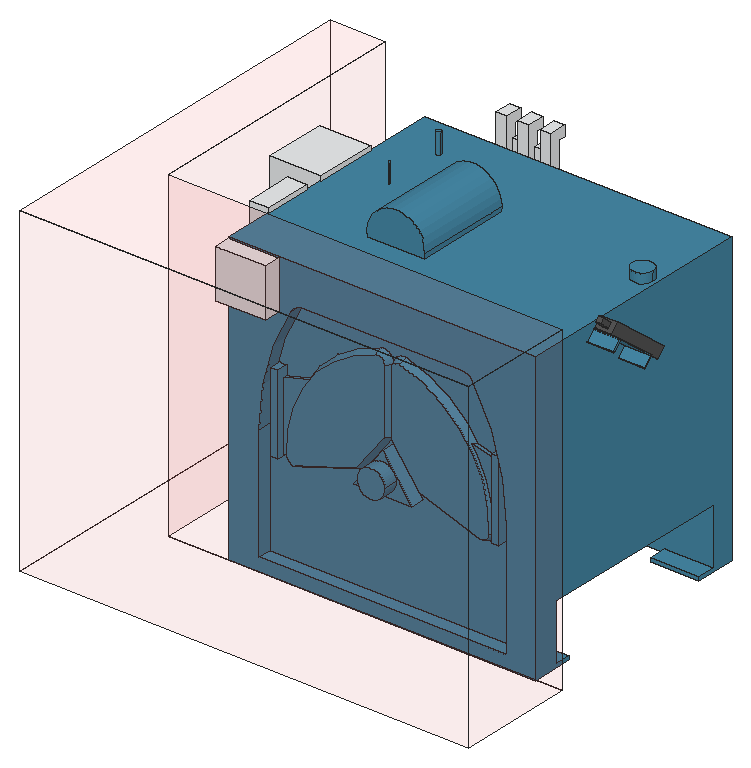
Revit family "Washer_Milnor_450lb-Capacity_60044WR2", category Mechanical Equipment, Revit 2026
Family settings
  Round Connector Dimension = Use Diameter
  Part Type = Normal
  Classification Number = 23.45.70.11.14.11
  Work Plane-Based = Yes
  Always vertical = No
  Cut with Voids When Loaded = No
  Maintain Annotation Orientation = No
  Shared = No
  Room Calculation Point = No
Parameters (values of type "6044w2Ce2017355d")
  doorgas = 2' - 4 1/2"
  Warranty Duration (Years) = 5
  Voltage_MEP = 44.5935 V
  Vibration Frequency = 0
  Unit Width = 7' - 5 1/4"
  Unit Weight = 12074
  Unit Height = 7' - 9 15/16"
  Unit Depth = 6' - 11 5/8"
  URL = "http://www.milnor.com/"
  Suspension Type = "HYDRO-CUSHION"
  Specification = "https://www.arcat.com/sd/clients/pellerin.html"
  SpecWizard = "https://www.arcat.com/specwizard/11110pmc/index04.htm"
  Send Message = "http://www.arcat.com/users.pl?action=UserEmail&company=Pellerin+Milnor+Corp.&coid=34740&rep=108&fax=504-468-3094&mf="
  Sales Information = "http://www.milnor.com/contact_us.aspx"
  Revision = "R1_08-2018"
  Product Properties = "https://www.arcat.com/arcatcos/cos34/arc34740.html"
  Product Data = "http://www.arcat.com/arcatcos/cos34/arc34740.html"
  Phase = 3
  Number of Poles = 1
  Model = "6044w2Ce2017355d"
  Manufacturer Website = "http://www.milnor.com/"
  Manufacturer Phone - Toll Free = "800-469-8780"
  Manufacturer Phone = "504-467-9591"
  Manufacturer Fax = "504-468-3094"
  Manufacturer Address = "700 Jackson St.   Kenner, LA 70062"
  Manufacturer = "Pellerin Milnor Corp"
  Maintenance Schedule (Months) = 0
  MEP Amperage = 35 A
  Keynote = "11110"
  Interior Finish [instance] = Metal - Stainless Steel - Milnor - as Specified
  Installation-Fabrication = "https://www.arcat.com/catalogs/pellerin/pellerin.html"
  Installation Phase = ""
  Green Building-LEED = "https://www.arcat.com/green/green_building.shtml"
  Frequency = 60 Hz
  Extraction G-Force = "300 Gs"
  Expected Lifespan (Years) = 12
  Dynamic Load = 0.00 kip
  Drawn By = "Sumex Design, Inc. / Robert S. Weygant, CSI, CDT, SCIP"
  Door Opening Depth = 2' - 10"
  Door Opening Area = "as Specified"
  Door Glazing [instance] = Glazing - Milnor - as Specified
  Door Finish [instance] = Metal - Stainless Steel - Milnor - Powder Coat as Specified
  Clearance Visible [instance] = yes
  Cabinet Front Doodads [instance] = Metal - Stainless Steel - Milnor - Powder Coat as Specified
  Description = "Milnor Commercial Washer Extractor"
  Default Elevation = 4' - 0"
  Cylinder Volume = 0.00 CF
  Cylinder Diameter = 3' - 6"
  Cylinder Depth = 3' - 8"
  Door Base from FF = 3' - 1"
  Copyright = "©Arcat Inc."
  Construction Details = "https://www.arcat.com/catalogs/pellerin/pellerin.html"
  Capacity = "450 lb"
  Cabinet Finish [instance] = Paint - Milnor - Blue
  Assembly Code = "E1010610"
Reference planes (in)
  plane 1 "Center (Front/Back)": y = 0
  plane 2 "Bottom": z = 0
  plane 3 "Center (Left/Right)": x = 0
  plane 4 "Front": y = -38.4375
  plane 5 "Top": z = 93.9375
  plane 6: y = -72.4375
  plane 7: z = 45
  plane 8: y = 40.3125
  plane 9: y = -43.3125
  plane 10 "Left": x = -62.00019
  plane 11 "Right": x = 52.24981
  plane 12: x = -10.5625
  plane 13: x = -17
  plane 14: x = -23.375
Forms (in)
  Extrusion 1, solid, material "Paint - Milnor - Blue" <- "Cabinet Finish"
    sketch origin (0, 0, 0) x (1, 0, 0) y (0, 1, 0)
      loop
        line (-44.5, -38.4375) -> (-30.5, -38.4375) -> (-30.5, -26.4375) -> (-44.5, -26.4375) -> (-44.5, -38.4375)
      loop
        line (44.5, -38.4375) -> (44.5, -26.4375) -> (30.5, -26.4375) -> (30.5, -38.4375) -> (44.5, -38.4375)
      loop
        line (-44.5, 20.5625) -> (-30.5, 20.5625) -> (-30.5, 32.5625) -> (-44.5, 32.5625) -> (-44.5, 20.5625)
      loop
        line (44.5, 20.5625) -> (44.5, 32.5625) -> (30.5, 32.5625) -> (30.5, 20.5625) -> (44.5, 20.5625)
    from 0 to 1
  Extrusion 2, solid, material "Paint - Milnor - Blue" <- "Cabinet Finish"
    sketch origin (0, 0, 0) x (1, 0, 0) y (0, 0, 1)
      loop
        line (-44.5, 0) -> (44.5, 0) -> (44.5, 84) -> (-44.5, 84) -> (-44.5, 0)
    from -32.5625 to 38.4375
  Extrusion 3, void
    sketch origin (0, 0, 0) x (1, 0, 0) y (0, 0, 1)
      loop
        arc (-23.04204, 73.10218) -> (-24.87567, 72.62331) -> (-26.241, 71.30901) r 3.75
        arc (-26.241, 71.30901) -> (-33.46978, 54.75574) -> (-35.94106, 36.86276) r 66.01175
        line (-35.94106, 36.86276) -> (-35.94106, 3.75) -> (35.94106, 3.75) -> (35.94106, 36.86276)
        arc (35.94106, 36.86276) -> (33.46978, 54.75574) -> (26.241, 71.30901) r 66.01175
        arc (26.241, 71.30901) -> (24.87567, 72.62331) -> (23.04204, 73.10218) r 3.75
        line (23.04204, 73.10218) -> (-23.04204, 73.10218)
    from 34.33988 to 38.4375
  Extrusion 4, void
    sketch origin (0, 0, 0) x (0, 1, 0) y (0, 0, 1)
      loop
        line (-31.06837, 17.41998) -> (-31.06837, 0) -> (25.93163, 0) -> (25.93163, 17.41998) -> (-31.06837, 17.41998)
    from -62.00019 to 52.24981
  Extrusion 5, solid, material "Paint - Milnor - Blue" <- "Cabinet Finish"
    sketch origin (0, 0, 0) x (0, 1, 0) y (0, 0, 1)
      loop
        line (-20.00941, 79.93588) -> (-19.83263, 79.7591) -> (-17.51693, 82.07481) -> (-6.44474, 73.10872) -> (-8.72328, 70.83018) -> (-8.5465, 70.6534) -> (-6.07163, 73.12828) -> (-17.53453, 82.41075) -> (-20.00941, 79.93588)
    from 44.5 to 52.24981
  Extrusion 6, solid, material "Paint - Milnor - Blue" <- "Cabinet Finish"
    sketch origin (0, 0, 0) x (1, 0, 0) y (0, 0, 1)
      loop
        circle (-11.75, 85.5625) r 8.375
    from -8.9353 to 18.852
  Blend 7, solid, material "Paint - Milnor - Blue" <- "Cabinet Finish"
    base sketch origin (0, 0, 0) x (1, 0, 0) y (0, 0, 1)
      loop
        arc (-3.76048, 67.72877) -> (-23.45393, 54.34697) -> (-30.32771, 31.55102) r 35.64307
        arc (-30.32771, 31.55102) -> (-29.03611, 29.22562) -> (-26.40407, 28.84085) r 3
        line (-26.40407, 28.84085) -> (-8.49777, 34.65895) -> (0, 45.93587) -> (0, 64.82676)
        arc (0, 64.82676) -> (-1.16717, 67.20178) -> (-3.76048, 67.72877) r 3
    top sketch origin (0, 0, 0) x (1, 0, 0) y (0, 0, 1)
      loop
        arc (-3.50699, 66.76143) -> (-22.64791, 53.75508) -> (-29.32884, 31.59869) r 34.64307
        arc (-29.32884, 31.59869) -> (-28.46778, 30.04842) -> (-26.71308, 29.7919) r 2
        line (-26.71308, 29.7919) -> (-9.10665, 35.51258) -> (-1, 46.27047) -> (-1, 64.82676)
        arc (-1, 64.82676) -> (-1.77811, 66.41011) -> (-3.50699, 66.76143) r 2
    from 34.33988 to 36.43874
  Blend 8, solid, material "Paint - Milnor - Blue" <- "Cabinet Finish"
    base sketch origin (0, 0, 0) x (-1, 0, 0) y (0, 0, -1)
      loop
        arc (-3.76048, -67.72877) -> (-1.16717, -67.20178) -> (0, -64.82676) r 3
        line (0, -64.82676) -> (0, -45.93587) -> (-8.49777, -34.65895) -> (-26.40407, -28.84085)
        arc (-26.40407, -28.84085) -> (-29.03611, -29.22562) -> (-30.32771, -31.55102) r 3
        arc (-30.32771, -31.55102) -> (-23.45393, -54.34697) -> (-3.76048, -67.72877) r 35.64307
    top sketch origin (0, 0, 0) x (-1, 0, 0) y (0, 0, -1)
      loop
        arc (-3.50699, -66.76143) -> (-1.77811, -66.41011) -> (-1, -64.82676) r 2
        line (-1, -64.82676) -> (-1, -46.27047) -> (-9.10665, -35.51258) -> (-26.71308, -29.7919)
        arc (-26.71308, -29.7919) -> (-28.46778, -30.04842) -> (-29.32884, -31.59869) r 2
        arc (-29.32884, -31.59869) -> (-22.64791, -53.75508) -> (-3.50699, -66.76143) r 34.64307
    from 34.33988 to 36.43874
  Extrusion 9, solid, material "Paint - Milnor - Blue" <- "Cabinet Finish"
    sketch origin (0, 0, 0) x (1, 0, 0) y (0, 0, 1)
      loop
        line (-8.35592, 32.51112) -> (8.35592, 32.51112) -> (0, 44.01206) -> (-8.35592, 32.51112)
    from 34.33988 to 38.4375
  Extrusion 10, solid, material "Paint - Milnor - Blue" <- "Cabinet Finish"
    sketch origin (0, 0, 0) x (1, 0, 0) y (0, 0, 1)
      loop
        circle (0, 37.26951) r 3.96317
    from 38.4375 to 42.56953
  Extrusion 11, solid, material "Paint - Milnor - Blue" <- "Cabinet Finish"
    sketch origin (0, 0, 0) x (1, 0, 0) y (0, 0, 1)
      loop
        line (-33.08024, 53.66698) -> (-33.08024, 30.66698) -> (-31.08024, 30.66698) -> (-31.08024, 53.66698) -> (-33.08024, 53.66698)
      loop
        line (33.08024, 53.66698) -> (31.08024, 53.66698) -> (31.08024, 30.66698) -> (33.08024, 30.66698) -> (33.08024, 53.66698)
    from 34.33988 to 37.48639
  Extrusion 12, solid, material "Paint - Milnor - Blue" <- "Cabinet Finish"
    sketch origin (0, 0, 0) x (1, 0, 0) y (0, 0, 1)
      loop
        line (-31.08024, 51) -> (-31.08024, 31.01112) -> (-22.38691, 33.34049) -> (-22.38691, 53.32937) -> (-31.08024, 51)
      loop
        line (31.08024, 51) -> (22.38691, 53.32937) -> (22.38691, 33.34049) -> (31.08024, 31.01112) -> (31.08024, 51)
    from 34.33988 to 35.64923
  Extrusion 13, solid, material "Metal - Stainless Steel - Milnor - Powder Coat as Specified" <- "Cabinet Front Doodads"
    sketch origin (0, 0, 0) x (0, -1, 0) y (0, 0, -1)
      loop
        line (-24.87546, -73.22548) -> (-12.87546, -73.22548) -> (-12.87546, -33.22548) -> (-24.87546, -33.22548) -> (-24.87546, -73.22548)
    from -59.28612 to -44.5
  Extrusion 14, solid, material "Metal - Stainless Steel - Milnor - Powder Coat as Specified" <- "Cabinet Front Doodads"
    sketch origin (0, 0, 0) x (0, -1, 0) y (0, 0, -1)
      loop
        line (-12.87546, -33.22548) -> (-12.87546, -85.22548) -> (5.12454, -85.22548) -> (5.12454, -33.22548) -> (-12.87546, -33.22548)
    from -59.28612 to -44.5
  Extrusion 15, solid, material "Metal - Stainless Steel - Milnor - Powder Coat as Specified" <- "Cabinet Front Doodads"
    sketch origin (0, 0, 0) x (0, -1, 0) y (0, 0, -1)
      loop
        line (5.12454, -33.22548) -> (5.12454, -73.22548) -> (24.12454, -73.22548) -> (24.12454, -33.22548) -> (5.12454, -33.22548)
    from -50.01978 to -44.5
  Extrusion 16, solid, material "Metal - Stainless Steel - Milnor - Powder Coat as Specified" <- "Cabinet Front Doodads"
    sketch origin (0, 0, 0) x (0, -1, 0) y (0, 0, -1)
      loop
        line (24.12454, -73.22548) -> (10.12454, -73.22548) -> (10.12454, -85.22548) -> (24.12454, -85.22548) -> (24.12454, -73.22548)
    from -50.01978 to -44.5
  Extrusion 17, solid, material "Metal - Stainless Steel - Milnor - Powder Coat as Specified" <- "Cabinet Front Doodads"
    sketch origin (0, 0, 0) x (1, 0, 0) y (0, 0, 1)
      loop
        line (-59.28612, 43.17754) -> (-61.95277, 33.22548) -> (-59.28612, 33.22548) -> (-59.28612, 43.17754)
    from -8.68555 to 0.38982
  Extrusion 18, solid, material "Metal - Stainless Steel - Milnor - Powder Coat as Specified" <- "Cabinet Front Doodads"
    sketch origin (0, 0, 0) x (1, 0, 0) y (0, 0, 1)
      loop
        line (-44.5, 83.64437) -> (-44.5, 69.64437) -> (-30, 69.64437) -> (-30, 83.64437) -> (-44.5, 83.64437)
    from 38.4375 to 43.3125
  Extrusion 19, solid, material "Metal - Stainless Steel - Milnor - Powder Coat as Specified" <- "Cabinet Front Doodads"
    sketch origin (-10.5625, 44.49159, 48) x (0, 1, 0) y (0, 0, 1)
      loop
        line (-5.58032, 43.55035) -> (-10.58032, 43.55035) -> (-10.58032, 16.80035) -> (-7.58032, 16.80035) -> (-7.58032, 40.55035) -> (-5.58032, 40.55035) -> (-5.58032, 43.55035)
    from -1.5 to 1.5
  Extrusion 20, solid, material "Metal - Stainless Steel - Milnor - Powder Coat as Specified" <- "Cabinet Front Doodads"
    sketch origin (-17, 44.49159, 48) x (0, 1, 0) y (0, 0, 1)
      loop
        line (-5.58032, 43.55035) -> (-10.58032, 43.55035) -> (-10.58032, 16.80035) -> (-7.58032, 16.80035) -> (-7.58032, 40.55035) -> (-5.58032, 40.55035) -> (-5.58032, 43.55035)
    from -1.5 to 1.5
  Extrusion 21, solid, material "Metal - Stainless Steel - Milnor - Powder Coat as Specified" <- "Cabinet Front Doodads"
    sketch origin (-23.375, 44.49159, 48) x (0, 1, 0) y (0, 0, 1)
      loop
        line (-5.58032, 43.55035) -> (-10.58032, 43.55035) -> (-10.58032, 16.80035) -> (-7.58032, 16.80035) -> (-7.58032, 40.55035) -> (-5.58032, 40.55035) -> (-5.58032, 43.55035)
    from -1.5 to 1.5
  Extrusion 22, solid, material "Metal - Stainless Steel - Milnor - Powder Coat as Specified" <- "Cabinet Front Doodads"
    sketch origin (-10.5625, 44.49159, 48) x (0, 1, 0) y (0, 0, 1)
      loop
        line (-4.17909, 37.51206) -> (-9.18576, 37.51206) -> (-9.18576, 20.01206) -> (-4.17909, 20.01206) -> (-4.17909, 37.51206)
    from -4.24495 to -2.27924
  Extrusion 23, solid, material "Metal - Stainless Steel - Milnor - Powder Coat as Specified" <- "Cabinet Front Doodads"
    sketch origin (-17, 44.49159, 48) x (0, 1, 0) y (0, 0, 1)
      loop
        line (-4.17909, 37.51206) -> (-9.18576, 37.51206) -> (-9.18576, 20.01206) -> (-4.17909, 20.01206) -> (-4.17909, 37.51206)
    from -4.24495 to -2.27924
  Extrusion 24, solid, material "Paint - Milnor - Black"
    sketch origin (0, 0, 0) x (0, 1, 0) y (0, 0, 1)
      loop
        line (-18.93952, 83.54849) -> (-2.2386, 70.02435) -> (0, 72.26296) -> (-16.70091, 85.78709) -> (-18.93952, 83.54849)
    from 45.89748 to 50.85796
  Extrusion 25, solid, material "Paint - Milnor - Black"
    sketch origin (0, 0, 0) x (0, 1, 0) y (0, 0, 1)
      loop
        line (-17.26252, 85.22548) -> (-19.7374, 87.70036) -> (-20.79806, 86.6397) -> (-18.32318, 84.16482) -> (-17.26252, 85.22548)
    from 47.67764 to 49.36988
  Extrusion 26, solid, material "Paint - Milnor - Blue" <- "Cabinet Finish"
    sketch origin (0, 0, 0) x (1, 0, 0) y (0, 1, 0)
      loop
        circle (40.25, 5.5625) r 3
    from 84 to 86.6397
  Extrusion 27, solid, material "Paint - Milnor - Blue" <- "Cabinet Finish"
    sketch origin (0, 0, 0) x (1, 0, 0) y (0, 1, 0)
      loop
        circle (-31.5, 21.3125) r 0.625
      loop
        circle (-31.5, 3.4375) r 0.125
    from 84 to 89.88292
  Extrusion 28, solid, material "Paint - Milnor - Black"
    sketch origin (0, 0, 0) x (1, 0, 0) y (0, 1, 0)
      loop
        circle (-29.5, -12.6875) r 4
    from 2 to 12
  Extrusion 29, solid, material "ARCAT Clearance", visible <- "Clearance Visible"
    sketch origin (-49.00019, -19.52143, 0) x (1, 0, 0) y (0, 1, 0)
      loop
        line (-13, -18.96875) -> (-13, 59.83393) -> (-28.99981, 59.83393) -> (-28.99981, -52.91607) -> (101.25, -52.91607) -> (101.25, -18.96875) -> (-13, -18.96875)
    from 0 to 93.9375
Cuts and joins
  Extrusion 3, Extrusion 4 cuts Extrusion 2
  joined: Extrusion 1, Extrusion 2, Extrusion 6
Lines and regions (in)
  symbolic lines, style "MechanicalEquipmentHiddenLines"
    curve 1: line (-59.8026, 0, 74) -> (-77.8026, 0, 74)
    curve 2: line (-77.8026, 0, 74) -> (-77.8026, 0, 33.75)
    curve 3: line (-77.8026, 0, 33.75) -> (-59.8026, 0, 33.75)
    curve 4: line (30.36822, -34.33988, 0) -> (30.36822, -64.83988, 0)
    curve 5: arc (30.36822, -64.83988, 0) -> (8.89465, -55.94524, 0) -> (0, -34.47166, 0) r 30.36822
    curve 6: line (-30.36822, -34.33988, 0) -> (-30.36822, -64.83988, 0)
    curve 7: arc (-30.36822, -64.83988, 0) -> (-8.89465, -55.94524, 0) -> (0, -34.47166, 0) r 30.36822
Dimensions and locks (in)
  "Unit Height": plane 5 "Top" to level
  "Door Opening Depth": plane 4 "Front" to plane 6
  locked: plane 4 "Front" to plane 9 at 4.875
  Extrusion 1 sketch curve to Extrusion 1 sketch curve = 1' - 0"  (x4)
  Extrusion 1 sketch curve to Extrusion 1 sketch curve = 1' - 2"  (x4)
  locked: plane 10 "Left" to plane 11 "Right" at 114.25
  locked: plane 8 to plane 9 at 83.625
Automatic sketch dimensions
  curve 1 to plane 10 "Left" = 1' - 3.80241"
  plane 10 "Left" to curve 3 = 0' - 2.19759"
  plane 10 "Left" to curve 1 = 0' - 2.19759"
  curve 3 to plane 7 = 0' - 11 1/4"
  curve 2 to plane 5 "Top" = 1' - 7 15/16"
  Extrusion 1 sketch curve to plane 4 "Front" = 0' - 0"
  plane 4 "Front" to Extrusion 1 sketch curve = 0' - 0"
  plane 10 "Left" to Extrusion 1 sketch curve = 1' - 5.50019"  (x2)
  Extrusion 1 sketch curve to plane 8 = 0' - 7 3/4"
  Extrusion 1 sketch curve to plane 11 "Right" = 1' - 9.74981"  (x2)
  Extrusion 1 sketch curve to plane 8 = 1' - 7 3/4"
  Extrusion 2 sketch curve to level = 0' - 0"
  plane 10 "Left" to Extrusion 2 sketch curve = 1' - 5.50019"
  Extrusion 2 sketch curve to plane 11 "Right" = 0' - 7.74981"
  Extrusion 2 sketch curve to plane 5 "Top" = 0' - 9 15/16"
  Extrusion 3 sketch curve to plane 14 = 1' - 0.56606"
  Extrusion 3 sketch curve to Extrusion 3 sketch curve = 0' - 5.87036"  (x2)
  Extrusion 3 sketch curve to plane 14 = 0' - 2.866"
  Extrusion 3 sketch curve to Extrusion 3 sketch curve = 0' - 0"  (x2)
  plane 14 to Extrusion 3 sketch curve = 0' - 0.33296"
  plane 3 "Center (Left/Right)" to Extrusion 3 sketch curve = 1' - 11.04204"
  Extrusion 3 sketch curve to Extrusion 3 sketch curve = 0' - 3.19896"
  Extrusion 3 sketch curve to plane 7 = 0' - 8.13724"
  Extrusion 3 sketch curve to plane 11 "Right" = 1' - 10.17912"
  level to Extrusion 3 sketch curve = 0' - 3 3/4"
  Extrusion 4 sketch curve to level = 0' - 0"
  plane 4 "Front" to Extrusion 4 sketch curve = 0' - 7.36913"
  Extrusion 4 sketch curve to plane 8 = 1' - 2.38087"
  level to Extrusion 4 sketch curve = 1' - 5.41998"
  plane 4 "Front" to Extrusion 5 sketch curve = 1' - 6.42809"
  Extrusion 5 sketch curve to plane 5 "Top" = 1' - 2.1784"
  Extrusion 5 sketch curve to Extrusion 5 sketch curve = 0' - 0.17678"  (x2)
  Extrusion 5 sketch curve to plane 5 "Top" = 0' - 11.52675"
  Extrusion 5 sketch curve to Extrusion 5 sketch curve = 0' - 2.47487"
  Extrusion 5 sketch curve to plane 5 "Top" = 0' - 11.86269"
  plane 1 "Center (Front/Back)" to Extrusion 5 sketch curve = 0' - 8.72328"
  Extrusion 5 sketch curve to Extrusion 5 sketch curve = 0' - 2.27854"
  Extrusion 5 sketch curve to Extrusion 5 sketch curve = 0' - 0.37311"
  Extrusion 5 sketch curve to Extrusion 5 sketch curve = 0' - 8.94653"
  Extrusion 5 sketch curve to Extrusion 5 sketch curve = 0' - 0.01955"
  Extrusion 6 sketch curve to plane 12 = 0' - 1 3/16"
  Extrusion 6 sketch curve to plane 5 "Top" = 0' - 8 3/8"
  Blend 7 sketch curve to plane 3 "Center (Left/Right)" = 0' - 0"
  Blend 7 sketch curve to Blend 7 sketch curve = 0' - 3"
  Blend 7 sketch curve to Blend 7 sketch curve = 0' - 0.76048"
  Blend 7 sketch curve to Blend 7 sketch curve = 0' - 0"  (x4)
  plane 12 to Blend 7 sketch curve = 0' - 2.06473"
  Blend 7 sketch curve to plane 14 = 0' - 3.02907"
  Blend 7 sketch curve to Blend 7 sketch curve = 0' - 0.92705"
  Blend 7 sketch curve to Blend 7 sketch curve = 0' - 2.99659"
  plane 3 "Center (Left/Right)" to Blend 7 sketch curve = 0' - 5.27485"  (x2)
  Blend 7 sketch curve to plane 7 = 1' - 4.15915"
  Blend 7 sketch curve to plane 7 = 0' - 10.34105"
  plane 7 to Blend 7 sketch curve = 0' - 0.93587"
  Blend 7 sketch curve to plane 14 = 0' - 5.95384"
  Blend 7 sketch curve to Blend 7 sketch curve = 0' - 1.99773"
  Blend 7 sketch curve to Blend 7 sketch curve = 0' - 0.61803"
  plane 12 to Blend 7 sketch curve = 0' - 1.45585"
  Blend 7 sketch curve to plane 3 "Center (Left/Right)" = 0' - 3.50699"
  Blend 7 sketch curve to Blend 7 sketch curve = 0' - 0.50699"
  Blend 7 sketch curve to plane 3 "Center (Left/Right)" = 0' - 1"
  Blend 7 sketch curve to plane 7 = 1' - 3.2081"
  Blend 7 sketch curve to plane 7 = 0' - 9.48742"
  plane 7 to Blend 7 sketch curve = 0' - 1.27047"
  Blend 8 sketch curve to plane 3 "Center (Left/Right)" = 0' - 0"
  Blend 8 sketch curve to plane 3 "Center (Left/Right)" = 0' - 3"
  Blend 8 sketch curve to Blend 8 sketch curve = 0' - 0.76048"
  Blend 8 sketch curve to Blend 8 sketch curve = 0' - 0"  (x4)
  Blend 8 sketch curve to plane 3 "Center (Left/Right)" = 0' - 8.49777"
  Blend 8 sketch curve to Blend 8 sketch curve = 1' - 5.9063"
  Blend 8 sketch curve to Blend 8 sketch curve = 0' - 0.92705"
  Blend 8 sketch curve to Blend 8 sketch curve = 0' - 2.99659"
  plane 3 "Center (Left/Right)" to Blend 8 sketch curve = 0' - 5.27485"  (x2)
  plane 7 to Blend 8 sketch curve = 1' - 4.15915"
  plane 7 to Blend 8 sketch curve = 0' - 10.34105"
  Blend 8 sketch curve to plane 7 = 0' - 0.93587"
  plane 11 "Right" to Blend 8 sketch curve = 1' - 10.92097"
  Blend 8 sketch curve to Blend 8 sketch curve = 0' - 1.99773"
  Blend 8 sketch curve to Blend 8 sketch curve = 0' - 0.61803"
  Blend 8 sketch curve to plane 3 "Center (Left/Right)" = 0' - 9.10665"
  Blend 8 sketch curve to plane 3 "Center (Left/Right)" = 0' - 3.50699"
  Blend 8 sketch curve to Blend 8 sketch curve = 0' - 0.50699"
  Blend 8 sketch curve to plane 3 "Center (Left/Right)" = 0' - 1"
  plane 7 to Blend 8 sketch curve = 1' - 3.2081"
  plane 7 to Blend 8 sketch curve = 0' - 9.48742"
  Blend 8 sketch curve to plane 7 = 0' - 1.27047"
  Extrusion 9 sketch curve to plane 3 "Center (Left/Right)" = 0' - 0"
  plane 12 to Extrusion 9 sketch curve = 0' - 2.20658"
  plane 3 "Center (Left/Right)" to Extrusion 9 sketch curve = 0' - 8.35592"
  Extrusion 9 sketch curve to plane 7 = 1' - 0.48888"
  Extrusion 9 sketch curve to plane 7 = 0' - 0.98794"
  Extrusion 10 sketch curve to plane 3 "Center (Left/Right)" = 0' - 0"
  Extrusion 10 sketch curve to plane 7 = 0' - 7.73049"
  Extrusion 11 sketch curve to plane 14 = 0' - 9.70524"
  Extrusion 11 sketch curve to Extrusion 11 sketch curve = 0' - 2"  (x2)
  Extrusion 11 sketch curve to plane 11 "Right" = 1' - 9.16957"
  Extrusion 11 sketch curve to plane 7 = 1' - 2.33302"  (x2)
  plane 7 to Extrusion 11 sketch curve = 0' - 8.66698"  (x2)
  Extrusion 12 sketch curve to plane 14 = 0' - 7.70524"
  plane 14 to Extrusion 12 sketch curve = 0' - 0.98809"
  plane 7 to Extrusion 12 sketch curve = 0' - 8.32937"  (x2)
  plane 3 "Center (Left/Right)" to Extrusion 12 sketch curve = 1' - 10.38691"
  plane 7 to Extrusion 12 sketch curve = 0' - 6"  (x2)
  Extrusion 12 sketch curve to Extrusion 12 sketch curve = 0' - 8.69333"
  Extrusion 12 sketch curve to plane 7 = 0' - 11.65951"  (x2)
  Extrusion 12 sketch curve to Extrusion 12 sketch curve = 0' - 2.32937"  (x2)
  plane 8 to Extrusion 13 sketch curve = 1' - 3.43704"
  Extrusion 13 sketch curve to Extrusion 13 sketch curve = 1' - 0"
  plane 7 to Extrusion 13 sketch curve = 0' - 11.77452"
  plane 5 "Top" to Extrusion 13 sketch curve = 1' - 8.71202"
  plane 1 "Center (Front/Back)" to Extrusion 14 sketch curve = 1' - 0.87546"
  Extrusion 14 sketch curve to plane 1 "Center (Front/Back)" = 0' - 5.12454"
  plane 7 to Extrusion 14 sketch curve = 0' - 11.77452"
  plane 5 "Top" to Extrusion 14 sketch curve = 0' - 8.71202"
  Extrusion 15 sketch curve to plane 1 "Center (Front/Back)" = 0' - 5.12454"
  Extrusion 15 sketch curve to plane 4 "Front" = 1' - 2.31296"
  plane 7 to Extrusion 15 sketch curve = 0' - 11.77452"
  plane 5 "Top" to Extrusion 15 sketch curve = 1' - 8.71202"
  Extrusion 16 sketch curve to plane 1 "Center (Front/Back)" = 0' - 10.12454"
  Extrusion 16 sketch curve to Extrusion 16 sketch curve = 1' - 2"
  plane 5 "Top" to Extrusion 16 sketch curve = 1' - 8.71202"
  plane 5 "Top" to Extrusion 16 sketch curve = 0' - 8.71202"
  plane 10 "Left" to Extrusion 17 sketch curve = 0' - 0.04742"
  Extrusion 17 sketch curve to Extrusion 17 sketch curve = 0' - 2.66665"
  Extrusion 17 sketch curve to plane 7 = 0' - 11.77452"
  Extrusion 17 sketch curve to plane 7 = 0' - 1.82246"
  plane 10 "Left" to Extrusion 18 sketch curve = 1' - 5.50019"
  Extrusion 18 sketch curve to plane 14 = 0' - 6 5/8"
  Extrusion 18 sketch curve to plane 5 "Top" = 2' - 0.29313"
  Extrusion 18 sketch curve to plane 5 "Top" = 0' - 10.29313"
  Extrusion 19 sketch curve to plane 8 = 0' - 6.40123"
  Extrusion 19 sketch curve to plane 8 = 0' - 3.40123"
  Extrusion 19 sketch curve to plane 8 = 0' - 1.40123"
  plane 7 to Extrusion 19 sketch curve = 1' - 7.80035"
  Extrusion 19 sketch curve to plane 5 "Top" = 0' - 5.38715"
  Extrusion 19 sketch curve to plane 5 "Top" = 0' - 2.38715"
  Extrusion 20 sketch curve to plane 8 = 0' - 6.40123"
  Extrusion 20 sketch curve to plane 8 = 0' - 3.40123"
  Extrusion 20 sketch curve to plane 8 = 0' - 1.40123"
  plane 7 to Extrusion 20 sketch curve = 1' - 7.80035"
  Extrusion 20 sketch curve to plane 5 "Top" = 0' - 5.38715"
  Extrusion 20 sketch curve to plane 5 "Top" = 0' - 2.38715"
  Extrusion 21 sketch curve to plane 8 = 0' - 6.40123"
  Extrusion 21 sketch curve to plane 8 = 0' - 3.40123"
  Extrusion 21 sketch curve to plane 8 = 0' - 1.40123"
  plane 7 to Extrusion 21 sketch curve = 1' - 7.80035"
  Extrusion 21 sketch curve to plane 5 "Top" = 0' - 5.38715"
  Extrusion 21 sketch curve to plane 5 "Top" = 0' - 2.38715"
  Extrusion 22 sketch curve to plane 8 = 0' - 0"
  Extrusion 22 sketch curve to Extrusion 22 sketch curve = 0' - 5.00667"
  plane 7 to Extrusion 22 sketch curve = 1' - 11.01206"
  Extrusion 22 sketch curve to plane 5 "Top" = 0' - 8.42544"
  Extrusion 23 sketch curve to plane 8 = 0' - 0"
  Extrusion 23 sketch curve to Extrusion 23 sketch curve = 0' - 5.00667"
  plane 7 to Extrusion 23 sketch curve = 1' - 11.01206"
  Extrusion 23 sketch curve to plane 5 "Top" = 0' - 8.42544"
  Extrusion 24 sketch curve to plane 1 "Center (Front/Back)" = 0' - 0"
  plane 1 "Center (Front/Back)" to Extrusion 24 sketch curve = 0' - 2.2386"
  Extrusion 24 sketch curve to plane 5 "Top" = 0' - 8.15041"
  plane 1 "Center (Front/Back)" to Extrusion 24 sketch curve = 1' - 4.70091"
  Extrusion 24 sketch curve to Extrusion 24 sketch curve = 0' - 2.2386"  (x3)
  Extrusion 24 sketch curve to Extrusion 24 sketch curve = 1' - 1.52413"
  plane 4 "Front" to Extrusion 25 sketch curve = 1' - 5.63944"
  Extrusion 25 sketch curve to plane 5 "Top" = 0' - 6.23714"
  Extrusion 25 sketch curve to Extrusion 25 sketch curve = 0' - 2.47487"
  Extrusion 25 sketch curve to Extrusion 25 sketch curve = 0' - 1.06066"
  Extrusion 25 sketch curve to plane 5 "Top" = 0' - 8.71202"
  Extrusion 26 sketch curve to plane 1 "Center (Front/Back)" = 0' - 5 9/16"
  Extrusion 26 sketch curve to plane 11 "Right" = 0' - 11.99981"
  Extrusion 27 sketch curve to plane 1 "Center (Front/Back)" = 0' - 3 7/16"
  Extrusion 27 sketch curve to plane 14 = 0' - 8 1/8"  (x2)
  Extrusion 27 sketch curve to Extrusion 27 sketch curve = 1' - 5 7/8"
  plane 1 "Center (Front/Back)" to Extrusion 28 sketch curve = 1' - 0 11/16"
  Extrusion 28 sketch curve to plane 14 = 0' - 6 1/8"
  Extrusion 29 sketch curve to plane 10 "Left" = 1' - 3.99981"
  plane 14 to Extrusion 29 sketch curve = 6' - 3.62481"
  plane 6 to Extrusion 29 sketch curve = 0' - 0"
  curve 7 to plane 3 "Center (Left/Right)" = 0' - 0"
  curve 5 to plane 3 "Center (Left/Right)" = 0' - 0"
  curve 6 to plane 14 = 0' - 6.99322"
  plane 6 to curve 4 = 0' - 7.59762"
  curve 4 to plane 11 "Right" = 1' - 9.88159"
  plane 6 to curve 7 = 0' - 7.59762"
  curve 7 to curve 6 = 0' - 0.13178"
  curve 5 to curve 4 = 0' - 0.13178"
  Extrusion 29 sketch curve to plane 8 = 0' - 0"
  Extrusion 29 sketch curve to plane 10 "Left" = 0' - 0"
  Extrusion 29 sketch curve to plane 4 "Front" = 0' - 0.05268"
  radius of Extrusion 6 sketch curve = 0' - 8 3/8"
  radius of Extrusion 10 sketch curve = 0' - 3.96317"
  radius of Extrusion 26 sketch curve = 0' - 3"
  radius of Extrusion 27 sketch curve = 0' - 0 5/8"
  radius of Extrusion 27 sketch curve = 0' - 0 1/8"
  radius of Extrusion 28 sketch curve = 0' - 4"
Connectors (in)
  piping at (-10.5625, 38.91127, 90.05035), diameter 2
    settings: on Extrusion 19, index 1, connector inside diameter 2", connector length 0' - 0", flow factor 0, pipe flow 0 GPM, pressure drop 0.00 psi, fitting loss kfactor 0, connector angle 0.00°, fixture units 0, engagement length 0' - 0", angle of deflection 0.00°, flow configuration 0, flow direction 1, fitting loss method 0, system type 29, joint type 0, gender type 0, connector reference index -1, connector utility 0, adjustable connector no, is connector primary no, connector description "Third Water Inlet"
  piping at (-17, 38.91127, 90.05035), diameter 2
    settings: on Extrusion 20, index 2, connector inside diameter 2", connector length 0' - 0", flow factor 0, pipe flow 0 GPM, pressure drop 0.00 psi, fitting loss kfactor 0, connector angle 0.00°, fixture units 0, engagement length 0' - 0", angle of deflection 0.00°, flow configuration 0, flow direction 1, fitting loss method 0, system type 20, joint type 0, gender type 0, connector reference index -1, connector utility 0, adjustable connector no, is connector primary no, connector description "DCW Inlet"
  piping at (-23.375, 38.91127, 90.05035), diameter 2
    settings: on Extrusion 21, index 3, connector inside diameter 2", connector length 0' - 0", flow factor 0, pipe flow 0 GPM, pressure drop 0.00 psi, fitting loss kfactor 0, connector angle 0.00°, fixture units 0, engagement length 0' - 0", angle of deflection 0.00°, flow configuration 0, flow direction 1, fitting loss method 0, system type 19, joint type 0, gender type 0, connector reference index -1, connector utility 0, adjustable connector no, is connector primary yes, connector description "DHW Inlet"
  piping at (48.52376, -20.26773, 87.17003), diameter 0.5
    settings: on Extrusion 25, index 4, connector inside diameter 1/2", connector length 0' - 0", flow factor 0, pipe flow 0 GPM, pressure drop 0.00 psi, fitting loss kfactor 0, connector angle 0.00°, fixture units 0, engagement length 0' - 0", angle of deflection 0.00°, flow configuration 0, flow direction 0, fitting loss method 0, system type 19, joint type 0, gender type 0, connector reference index -1, connector utility 0, adjustable connector no, is connector primary no, connector description ""
  electrical at (-51.89306, 24.87546, 53.22548)
    settings: on Extrusion 13, index 5, voltage 0 V, apparent load 0 VA, apparent load phase1 0 VA, apparent load phase2 0 VA, apparent load phase3 0 VA, power factor 1, load classification "Other", number of poles 1, system type 31, power factor state 1, is connector primary yes, connector utility no, sub classification motor no, connector description ""
  piping at (-31.5, 21.3125, 89.88292), diameter 1.25
    settings: on Extrusion 27, index 6, connector inside diameter 1 1/4", connector length 0' - 0", flow factor 0, pipe flow 0 GPM, pressure drop 0.00 psi, fitting loss kfactor 0, connector angle 0.00°, fixture units 0, engagement length 0' - 0", angle of deflection 0.00°, flow configuration 0, flow direction 0, fitting loss method 0, system type 29, joint type 0, gender type 0, connector reference index -1, connector utility 0, adjustable connector no, is connector primary no, connector description "Steam Inlet"
  piping at (-31.5, 3.4375, 89.88292), diameter 0.25
    settings: on Extrusion 27, index 7, connector inside diameter 1/4", connector length 0' - 0", flow factor 0, pipe flow 0 GPM, pressure drop 0.00 psi, fitting loss kfactor 0, connector angle 0.00°, fixture units 0, engagement length 0' - 0", angle of deflection 0.00°, flow configuration 0, flow direction 1, fitting loss method 0, system type 29, joint type 0, gender type 0, connector reference index -1, connector utility 0, adjustable connector no, is connector primary no, connector description "Air Inlet"
  piping at (-29.5, -12.6875, 2), diameter 8
    settings: on Extrusion 28, index 8, connector inside diameter 8", connector length 0' - 0", flow factor 0, pipe flow 0 GPM, pressure drop 0.00 psi, fitting loss kfactor 0, connector angle 0.00°, fixture units 0, engagement length 0' - 0", angle of deflection 0.00°, flow configuration 0, flow direction 2, fitting loss method 0, system type 16, joint type 0, gender type 0, connector reference index -1, connector utility 0, adjustable connector no, is connector primary no, connector description "Drain"
